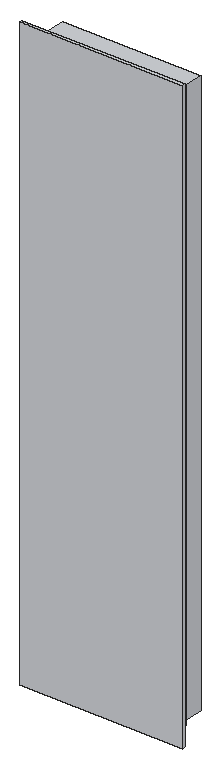
Revit family "33cd8e1733ca43d4ba805dc64c9cdf49", category Air Terminals, Revit 2021
Family settings
  Round Connector Dimension = Use Diameter
  Part Type = Normal
  OmniClass Number = 23.75.70.21.27.11
  OmniClass Title = Diffusers, Registers, and Grilles
  Seek Item ID = Supply Diffuser - Sidewall-0000-USA-ENU
  Work Plane-Based = No
  Always vertical = Yes
  Cut with Voids When Loaded = No
  Shared = No
  Room Calculation Point = No
Parameters (values of type "Standard")
  Pressure Drop [instance] = 0.021 in-wg
  Min Flow = 67500 CFM
  Max Flow = 315000 CFM
  Half Height = Duct Height / 2  # 2' - 0"
  Flow [instance] = 500 CFM
  Duct Width = 12"
  Duct Height = 48"
  Default Elevation = 0' - 0"
  Assembly Code = ""
Reference planes (in)
  plane 1 "Center (Front/Back)": y = 0
  plane 2: z = 0
  plane 3 "Center (Left/Right)": x = 0
  plane 4: x = -6
  plane 5: x = 6
  plane 6: z = 24
  plane 7: z = -24
  plane 8: x = 6.8125
  plane 9: x = -6.8125
  plane 10: z = 24.8125
  plane 11: z = -24.8125
  plane 12: y = -0.1875
  plane 13: y = 1.07813
  plane 14: x = -5.75
  plane 15: x = 5.75
  plane 16: z = 23.75
  plane 17: z = -23.75
  plane 18: y = 3
Forms (in)
  Extrusion 1, solid
    sketch origin (0, 0, 0) x (1, 0, 0) y (0, 0, 1)
      loop
        line (-6.8125, 24.8125) -> (-6.8125, -24.8125) -> (6.8125, -24.8125) -> (6.8125, 24.8125) -> (-6.8125, 24.8125)
    from 0 to 0.1875
  Extrusion 2, solid
    sketch origin (0, 0, 0) x (1, 0, 0) y (0, 0, 1)
      loop
        line (6, 24) -> (-6, 24) -> (-6, -24) -> (6, -24) -> (6, 24)
    from 0 to -1.07813
  Extrusion 3, solid
    sketch origin (0, 0, 0) x (1, 0, 0) y (0, 0, 1)
      loop
        line (5.75, 23.75) -> (-5.75, 23.75) -> (-5.75, -23.75) -> (5.75, -23.75) -> (5.75, 23.75)
    from -3 to -1.07813
Cuts and joins
  joined: Extrusion 1, Extrusion 2, Extrusion 3
Dimensions and locks (in)
  equal spacing: plane 5, plane 3 "Center (Left/Right)", plane 4
  "Duct Width": plane 5 to plane 4
  locked: plane 8 to plane 5 at 0.8125
  locked: plane 9 to plane 4 at 0.8125
  locked: plane 10 to plane 6 at 0.8125
  locked: plane 11 to plane 7 at 0.8125
  locked: plane 12 to plane 1 "Center (Front/Back)" at 0.1875
  locked: plane 13 to plane 1 "Center (Front/Back)" at 1.07813
  locked: plane 14 to plane 4 at 0.25
  locked: plane 5 to plane 15 at 0.25
  locked: plane 17 to plane 7 at 0.25
  locked: plane 6 to plane 16 at 0.25
  plane 18 to plane 13 = 0' - 1 59/64"
  "Duct Height": plane 6 to plane 7
  "Half Height": plane 6 to level
  aligned and locked: plane 9 to Extrusion 1 sketch curve
  aligned and locked: plane 10 to Extrusion 1 sketch curve
  aligned and locked: plane 11 to Extrusion 1 sketch curve
  aligned and locked: Extrusion 1 sketch curve to plane 8
  aligned and locked: plane 12 to Extrusion 1
  aligned and locked: plane 5 to Extrusion 2 sketch curve
  aligned and locked: Extrusion 2 sketch curve to plane 6
  aligned and locked: plane 7 to Extrusion 2 sketch curve
  aligned and locked: Extrusion 2 sketch curve to plane 4
  aligned and locked: Extrusion 2 to plane 13
  aligned and locked: plane 15 to Extrusion 3 sketch curve
  aligned and locked: Extrusion 3 sketch curve to plane 16
  aligned and locked: plane 17 to Extrusion 3 sketch curve
  aligned and locked: Extrusion 3 sketch curve to plane 14
  aligned and locked: Extrusion 3 to plane 18
  aligned and locked: plane 13 to Extrusion 3
Connectors (in)
  hvac at (0, 3, 0), driven by "Duct Height", driven by "Duct Width", driven by "Flow", driven by "Pressure Drop"
    settings: on cut or joined group of Extrusion 1, Extrusion 2, Extrusion 3, index 0, duct flow 500 CFM, flow factor 0, pres drop 0.021 in-wg, loss coef 0, conn angle 0.00°, conn width 12", conn height 48", conn diameter 24", duct sys type 1, conn prof type 1, flow config 1, flow direction 1, loss method 4, conn ref index -1, conn util no, is conn primary yes, conn desc ""
